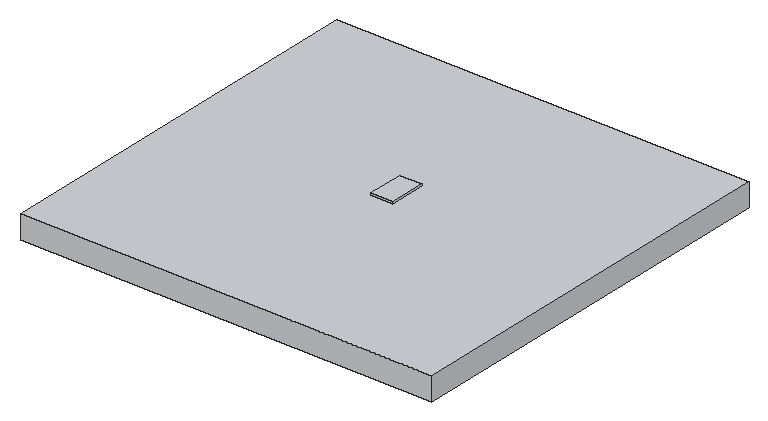
Revit family "6e48cd0aec8a4bd4abbcf199ed76408a", category Electrical Fixtures, host Face, Revit 2021
Family settings
  Host = Face
  Maintain Annotation Orientation = Yes
  Round Connector Dimension = Use Diameter
  Part Type = Switch
  OmniClass Number = 23.80.50.11.14
  OmniClass Title = Switches
  Seek Item ID = Speed Controller Switch-0000-USA-ENU
  Cut with Voids When Loaded = No
  Shared = No
  Room Calculation Point = No
Parameters (values of type "Standard")
  Switch Voltage = 120 V
  Switch Number of Poles = 1
  Load Classification = Other
  Label = "SC"
  Default Elevation = 4' - 0"
  Assembly Code = ""
  Apparent Load = 0 VA
Reference planes (in)
  plane 1 "Center (Front/Back)": y = 0
  plane 2: z = 0
  plane 3 "Center (Left/Right)": x = 0
  plane 4: x = -1.375
  plane 5: x = 1.375
  plane 6: x = -0.75
  plane 7: x = 0.75
  plane 8: y = 2.25
  plane 9: y = -2.25
  plane 10: y = 1.5
  plane 11: y = -1.5
  plane 12 "level above": z = 0.1875
  plane 13 "level below": z = -2.125
Forms (in)
  Extrusion 1, solid
    sketch origin (0, 0, 0) x (1, 0, 0) y (0, 1, 0)
      loop
        line (-25.375, 22.5) -> (-25.375, -26.25) -> (25.375, -26.25) -> (25.375, 22.5) -> (-25.375, 22.5)
    from 0 to -2.86111
  Extrusion 2, solid
    sketch origin (0, 0, 0) x (1, 0, 0) y (0, 1, 0)
      loop
        line (-1.375, 2.25) -> (-1.375, -2.25) -> (1.375, -2.25) -> (1.375, 2.25) -> (-1.375, 2.25)
    from 0 to 0.1875
  Extrusion 3, solid
    sketch origin (0, 0, 0) x (1, 0, 0) y (0, 1, 0)
      loop
        line (-0.75, 1.5) -> (-0.75, -1.5) -> (0.75, -1.5) -> (0.75, 1.5) -> (-0.75, 1.5)
    from 0 to -2.125
Lines and regions (in)
  symbolic lines, detail levels fine
    curve 1: line (-1.375, 0, 0.1875) -> (1.375, 0, 0.1875)
    curve 2: line (-1.375, 0, 0) -> (-1.375, 0, 0.1875)
    curve 3: line (1.375, 0, 0) -> (-1.375, 0, 0)
    curve 4: line (1.375, 0, 0.1875) -> (1.375, 0, 0)
    curve 5: line (-0.75, 0, -2.125) -> (0.75, 0, -2.125)
    curve 6: line (-0.75, 0, 0) -> (-0.75, 0, -2.125)
    curve 7: line (0.75, 0, -2.125) -> (0.75, 0, 0)
Dimensions and locks (in)
  equal spacing: plane 6, plane 3 "Center (Left/Right)", plane 7, locked at 0.75 each
  locked: plane 6 to plane 7 at 1.5
  equal spacing: plane 4, plane 3 "Center (Left/Right)", plane 5, locked at 1.375 each
  locked: plane 4 to plane 5 at 2.75
  locked: plane 8 to plane 9 at 4.5
  locked: plane 12 "level above" to level at 0.1875
  locked: level to plane 13 "level below" at 2.125
  locked: plane 10 to plane 11 at 3
  equal spacing: plane 10, plane 1 "Center (Front/Back)", plane 11, locked at 1.5 each
  equal spacing: plane 8, plane 1 "Center (Front/Back)", plane 9, locked at 2.25 each
  aligned and locked: plane 2 to Extrusion 1
  aligned and locked: level to Extrusion 1
  aligned and locked: plane 8 to Extrusion 2
  aligned and locked: Extrusion 2 to plane 9
  aligned and locked: plane 5 to Extrusion 2
  aligned and locked: Extrusion 2 to plane 4
  aligned and locked: Extrusion 2 to level
  aligned and locked: plane 12 "level above" to Extrusion 2
  aligned and locked: plane 10 to Extrusion 3
  aligned and locked: Extrusion 3 to plane 6
  aligned and locked: plane 7 to Extrusion 3
  aligned and locked: Extrusion 3 to plane 11
  aligned and locked: Extrusion 3 to level
  aligned and locked: Extrusion 3 to plane 13 "level below"
  aligned and locked: plane 3 "Center (Left/Right)" to nested 1
  aligned and locked: plane 1 "Center (Front/Back)" to nested 1
  aligned and locked: curve 1 to plane 12 "level above"
  aligned and locked: plane 2 to curve 3
  aligned and locked: curve 5 to plane 13 "level below"
Automatic sketch dimensions
  Extrusion 2 sketch curve to plane 4 = 0' - 0"
  Extrusion 2 sketch curve to plane 5 = 0' - 0"
  Extrusion 2 sketch curve to plane 9 = 0' - 0"
  Extrusion 2 sketch curve to plane 8 = 0' - 0"
  Extrusion 3 sketch curve to plane 6 = 0' - 0"
  Extrusion 3 sketch curve to plane 7 = 0' - 0"
  Extrusion 3 sketch curve to plane 11 = 0' - 0"
  Extrusion 3 sketch curve to plane 10 = 0' - 0"
  Extrusion 1 sketch curve to Extrusion 1 sketch curve = 4' - 2 3/4"
  Extrusion 1 sketch curve to Extrusion 1 sketch curve = 4' - 0 3/4"
  curve 2 to plane 4 = 0' - 0"
  curve 3 to plane 5 = 0' - 0"
  plane 4 to curve 7 = 0' - 2 1/8"
  curve 5 to curve 5 = 0' - 1 1/2"
Nested families (in)
  nested 1: "Switch Annotation" at (0, 0, 0), type "Switch Annotation", detail levels coarse+medium
Connectors (in)
  electrical at (0, 1.5, -1.0625), driven by "Switch Voltage", driven by "Apparent Load", driven by "Switch Number of Poles", driven by "Load Classification"
    settings: on Extrusion 3, index 1, voltage 120 V, apparent load 0 VA, apparent load phase1 0 VA, apparent load phase2 0 VA, apparent load phase3 0 VA, power factor 1, load classification "Other", number of poles 1, system type 31, power factor state 1, is connector primary yes, connector utility no, sub classification motor no, connector description ""
Definition of nested family "Switch Annotation"
  Parameters
    Label = "WP"
  Reference planes (in)
    plane 1: y = 0
    plane 2: x = 0
  Lines and regions (in)
    detail lines
      curve 1: line (0, 0.125, 0) -> (0, 0, 0)
      curve 3: arc (0.01506, 0.11153, 0) -> (-0.02442, 0.09683, 0) -> (0, 0.0625, 0) r 0.02655
      curve 4: arc (0, 0.0625, 0) -> (0.01543, 0.02147, 0) -> (-0.02827, 0.02483, 0) r 0.02599
    reference lines
      curve 2: line (0, 0.0625, 0) -> (-0.11983, 0.0625, 0)
      curve 5: line (0.10095, -0.04722, 0) -> (0.10095, 0.09386, 0)
      curve 6: line (0.10095, -0.04722, 0) -> (0.28349, -0.04722, 0)
      curve 7: line (0.10095, 0.04579, 0) -> (0.31014, 0.04579, 0)
  Text (in)
    label "2" at (0.02544, -0.00499, 0), shows "Label"
  Dimensions and locks (in)
    locked: curve 6 to curve 7 at 0.09301
    locked: curve 1 to curve 5 at 0.10095
    locked: curve 1 to curve 1 at 0.125
    locked: plane 1 to curve 2 at 0.0625
    aligned and locked: curve 1 to curve 2
    aligned and locked: curve 3 to curve 2
    aligned and locked: curve 4 to curve 2
    aligned and locked: plane 1 to curve 1
    aligned and locked: curve 1 to plane 2
    aligned and locked: plane 2 to curve 1
